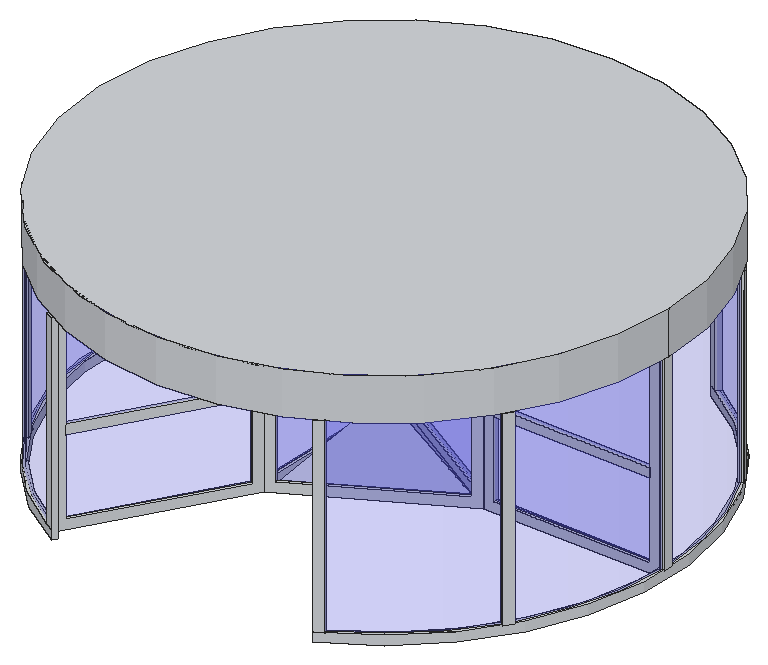
Revit family
Parameters (values of type "20' Diameter")
  Radius = 10' - 0"
  Glass radius = Radius - 0' 0 3/4"  # 9' - 11 1/4"
  Door width = 6' - 2"
  Door Radius = Radius - 0' 3"  # 9' - 9"
  Mullion = (90.00° - Angle) / 2  # 31.36°
  Angle = 27.28°
Types (6): name | Radius | Glass radius | Door width | Door Radius | Mullion | Angle
  (no name) | 10' - 0" | 9' - 11 1/4" | 6' - 2" | 9' - 9" | 31.36° | 27.28°
  14' Diameter | 7' - 0" | 6' - 11 1/4" | 4' - 1" | 6' - 9" | 32.125° | 25.75°
  12' Diameter | 6' - 0" | 5' - 11 1/4" | 3' - 1" | 5' - 9" | 32.47° | 25.06°
  16' Diameter | 8' - 0" | 7' - 11 1/4" | 5' - 1" | 7' - 9" | 31.86° | 26.28°
  18' Diameter | 9' - 0" | 8' - 11 1/4" | 5' - 2" | 8' - 9" | 31.51° | 26.98°
  20' Diameter | 10' - 0" | 9' - 11 1/4" | 6' - 2" | 9' - 9" | 31.36° | 27.28°
Reference planes (in)
  plane 1 "Center (Front/Back)": y = 0
  plane 2: z = 0
  plane 3 "Center (Left/Right)": x = 0
  plane 4: through (-37.58383, 72.87974, 48) normal (0.8888, 0.4583, 0)
  plane 5: through (0, 0, 48) normal (-0.8888, 0.4583, 0)
  plane 6: through (0, 0, 48) normal (-0.866, -0.5, 0)
  plane 7: through (0, 0, 48) normal (0.866, -0.5, 0)
  plane 8 "Bottom of Door Head": z = 84
  plane 9 "Top of Door Head": z = 102
  plane 10: through (0, 0, 48) normal (-0.4848, -0.8746, 0)
Forms (in)
  Extrusion 1, solid
    sketch origin (0, 0, 0) x (1, 0, 0) y (0, 1, 0)
      loop
        arc (-55.00072, 106.65327) -> (-120, 0) -> (-55.00072, -106.65327) r 120
        line (-55.00072, -106.65327) -> (-53.9747, -104.66368)
        arc (-53.9747, -104.66368) -> (-117.76143, 0) -> (-53.9747, 104.66368) r 117.76143
        line (-53.9747, 104.66368) -> (-55.00072, 106.65327)
      loop
        arc (53.9747, 104.66368) -> (117.76143, 0) -> (53.9747, -104.66368) r 117.76143
        line (53.9747, -104.66368) -> (55.00072, -106.65327)
        arc (55.00072, -106.65327) -> (120, 0) -> (55.00072, 106.65327) r 120
        line (55.00072, 106.65327) -> (53.9747, 104.66368)
    from 0 to 4
  Extrusion 2, solid
    sketch origin (0, 0, 0) x (1, 0, 0) y (0, 1, 0)
      loop
        line (116.99573, 1) -> (42.99573, 1) -> (42.99573, -1) -> (116.99573, -1)
        arc (116.99573, -1) -> (117, 0) -> (116.99573, 1) r 117
    from 0 to 4
  Extrusion 3, solid
    sketch origin (0, 0, 0) x (-0.5, -0.866025, 0) y (0.866025, -0.5, 0)
      loop
        line (116.99573, 1) -> (42.99573, 1) -> (42.99573, -1) -> (116.99573, -1)
        arc (116.99573, -1) -> (117, 0) -> (116.99573, 1) r 117
    from 0 to 4
  Extrusion 4, solid
    sketch origin (0, 0, 0) x (-0.5, 0.866025, 0) y (-0.866025, -0.5, 0)
      loop
        line (116.99573, 1) -> (42.99573, 1) -> (42.99573, -1) -> (116.99573, -1)
        arc (116.99573, -1) -> (117, 0) -> (116.99573, 1) r 117
    from 0 to 4
  Extrusion 5, solid
    sketch origin (0, 0, 0) x (1, 0, 0) y (0, 1, 0)
      loop
        line (-22.36389, 36.73539) -> (-22.36389, -36.73539) -> (-20.63184, -37.73539) -> (42.99573, -1) -> (42.99573, 1) -> (-20.63184, 37.73539) -> (-22.36389, 36.73539)
      loop
        line (40.72778, 0) -> (-20.36389, 35.27129) -> (-20.36389, -35.27129) -> (40.72778, 0)
    from 0 to 4
  Extrusion 6, solid
    sketch origin (0, 0, 0) x (1, 0, 0) y (0, 1, 0)
      loop
        circle (0, 0) r 120
    from 84 to 102
  Extrusion 7, solid
    sketch origin (0, 0, 0) x (1, 0, 0) y (0, 1, 0)
      loop
        line (-55.00072, -106.65327) -> (-53.9747, -104.66368)
        arc (-53.9747, -104.66368) -> (-55.74751, -103.73027) -> (-57.50419, -102.76684) r 117.76143
        line (-57.50419, -102.76684) -> (-58.6057, -104.71567)
        arc (-58.6057, -104.71567) -> (-56.81147, -105.69984) -> (-55.00072, -106.65327) r 120
      loop
        arc (55.00072, -106.65327) -> (56.81147, -105.69984) -> (58.6057, -104.71567) r 120
        line (58.6057, -104.71567) -> (57.50419, -102.76684)
        arc (57.50419, -102.76684) -> (55.74751, -103.73027) -> (53.9747, -104.66368) r 117.76143
        line (53.9747, -104.66368) -> (55.00072, -106.65327)
      loop
        arc (-55.00072, 106.65327) -> (-56.81147, 105.69984) -> (-58.6057, 104.71567) r 120
        line (-58.6057, 104.71567) -> (-57.50419, 102.76684)
        arc (-57.50419, 102.76684) -> (-55.74751, 103.73027) -> (-53.9747, 104.66368) r 117.76143
        line (-53.9747, 104.66368) -> (-55.00072, 106.65327)
      loop
        line (55.00072, 106.65327) -> (53.9747, 104.66368)
        arc (53.9747, 104.66368) -> (55.74751, 103.73027) -> (57.50419, 102.76684) r 117.76143
        line (57.50419, 102.76684) -> (58.6057, 104.71567)
        arc (58.6057, 104.71567) -> (56.81147, 105.69984) -> (55.00072, 106.65327) r 120
    from 4 to 84
  Extrusion 8, solid
    sketch origin (0, 0, 0) x (1, 0, 0) y (0, 1, 0)
      loop
        arc (-117.74445, -2) -> (-117.76143, 0) -> (-117.74445, 2) r 117.76143
        line (-117.74445, 2) -> (-119.98333, 2)
        arc (-119.98333, 2) -> (-120, 0) -> (-119.98333, -2) r 120
        line (-119.98333, -2) -> (-117.74445, -2)
      loop
        line (117.74445, -2) -> (119.98333, -2)
        arc (119.98333, -2) -> (120, 0) -> (119.98333, 2) r 120
        line (119.98333, 2) -> (117.74445, 2)
        arc (117.74445, 2) -> (117.76143, 0) -> (117.74445, -2) r 117.76143
    from 4 to 84
  Extrusion 9, solid
    sketch origin (0, 0, 0) x (1, 0, 0) y (0, 1, 0)
      loop
        arc (-103.46901, -60.77964) -> (-102.44135, -62.49615) -> (-101.38523, -64.1953) r 120
        line (-101.38523, -64.1953) -> (-99.50284, -62.98364)
        arc (-99.50284, -62.98364) -> (-100.55817, -61.28465) -> (-101.5845, -59.56798) r 117.76143
        line (-101.5845, -59.56798) -> (-103.46901, -60.77964)
      loop
        arc (-101.41466, 64.14879) -> (-102.46972, 62.44963) -> (-103.49631, 60.73313) r 120
        line (-103.49631, 60.73313) -> (-101.5845, 59.56798)
        arc (-101.5845, 59.56798) -> (-100.55817, 61.28465) -> (-99.50284, 62.98364) r 117.76143
        line (-99.50284, 62.98364) -> (-101.41466, 64.14879)
      loop
        arc (99.50284, 62.98364) -> (100.55817, 61.28465) -> (101.5845, 59.56798) r 117.76143
        line (101.5845, 59.56798) -> (103.49631, 60.73313)
        arc (103.49631, 60.73313) -> (102.46972, 62.44963) -> (101.41466, 64.14879) r 120
        line (101.41466, 64.14879) -> (99.50284, 62.98364)
      loop
        arc (101.5845, -59.56798) -> (100.55817, -61.28465) -> (99.50284, -62.98364) r 117.76143
        line (99.50284, -62.98364) -> (101.41466, -64.14879)
        arc (101.41466, -64.14879) -> (102.46972, -62.44963) -> (103.49631, -60.73313) r 120
        line (103.49631, -60.73313) -> (101.5845, -59.56798)
    from 4 to 84
  Extrusion 10, solid, material "Glass"
    sketch origin (0, 0, 0) x (1, 0, 0) y (0, 1, 0)
      loop
        arc (-58.23665, 104.06274) -> (-82.01961, 86.56411) -> (-100.77413, 63.75842) r 119.25
        line (-100.77413, 63.75842) -> (-100.09982, 63.34747)
        arc (-100.09982, 63.34747) -> (-81.47053, 85.99667) -> (-57.84814, 103.37537) r 118.46044
        line (-57.84814, 103.37537) -> (-58.23665, 104.06274)
      loop
        arc (-57.84814, -103.37537) -> (-81.4643, -86.00258) -> (-100.09063, -63.36199) r 118.46044
        line (-100.09063, -63.36199) -> (-100.75456, -63.78935)
        arc (-100.75456, -63.78935) -> (-82.00633, -86.5767) -> (-58.23665, -104.06274) r 119.25
        line (-58.23665, -104.06274) -> (-57.84814, -103.37537)
      loop
        arc (58.23665, -104.06274) -> (82.01961, -86.56411) -> (100.77413, -63.75842) r 119.25
        line (100.77413, -63.75842) -> (100.09982, -63.34747)
        arc (100.09982, -63.34747) -> (81.47053, -85.99667) -> (57.84814, -103.37537) r 118.46044
        line (57.84814, -103.37537) -> (58.23665, -104.06274)
      loop
        arc (57.84814, 103.37537) -> (81.47053, 85.99667) -> (100.09982, 63.34747) r 118.46044
        line (100.09982, 63.34747) -> (100.77413, 63.75842)
        arc (100.77413, 63.75842) -> (82.01961, 86.56411) -> (58.23665, 104.06274) r 119.25
        line (58.23665, 104.06274) -> (57.84814, 103.37537)
      loop
        arc (-102.85579, 60.34277) -> (-114.81225, 32.22903) -> (-119.23323, 2) r 119.25
        line (-119.23323, 2) -> (-118.44355, 2)
        arc (-118.44355, 2) -> (-114.05207, 32.01564) -> (-102.18147, 59.93181) r 118.46044
        line (-102.18147, 59.93181) -> (-102.85579, 60.34277)
      loop
        arc (-119.23323, -2) -> (-114.8074, -32.24629) -> (-102.83764, -60.3737) r 119.25
        line (-102.83764, -60.3737) -> (-102.17295, -59.94633)
        arc (-102.17295, -59.94633) -> (-114.04979, -32.02374) -> (-118.44355, -2) r 118.46044
        line (-118.44355, -2) -> (-119.23323, -2)
      loop
        arc (102.85579, -60.34277) -> (114.81225, -32.22903) -> (119.23323, -2) r 119.25
        line (119.23323, -2) -> (118.44355, -2)
        arc (118.44355, -2) -> (114.05207, -32.01564) -> (102.18147, -59.93181) r 118.46044
        line (102.18147, -59.93181) -> (102.85579, -60.34277)
      loop
        arc (119.23323, 2) -> (114.81225, 32.22903) -> (102.85579, 60.34277) r 119.25
        line (102.85579, 60.34277) -> (102.18147, 59.93181)
        arc (102.18147, 59.93181) -> (114.05207, 32.01564) -> (118.44355, 2) r 118.46044
        line (118.44355, 2) -> (119.23323, 2)
    from 4 to 84
  Extrusion 11, solid
    sketch origin (0, 0, 0) x (1, 0, 0) y (0, 1, 0)
      loop
        arc (-59.36389, -100.82127) -> (-58.5, -101.32497) -> (-57.63184, -101.82127) r 117
        line (-57.63184, -101.82127) -> (-55.63184, -98.35717) -> (-57.36389, -97.35717) -> (-59.36389, -100.82127)
      loop
        arc (-57.63184, 101.82127) -> (-58.5, 101.32497) -> (-59.36389, 100.82127) r 117
        line (-59.36389, 100.82127) -> (-57.36389, 97.35717) -> (-55.63184, 98.35717) -> (-57.63184, 101.82127)
      loop
        arc (116.99573, -1) -> (117, 0) -> (116.99573, 1) r 117
        line (116.99573, 1) -> (112.99573, 1) -> (112.99573, -1) -> (116.99573, -1)
      loop
        line (-20.63184, 37.73539) -> (-22.63184, 41.19949) -> (-24.36389, 40.19949) -> (-22.36389, 36.73539) -> (-20.63184, 37.73539)
      loop
        line (42.99573, -1) -> (46.99573, -1) -> (46.99573, 1) -> (42.99573, 1) -> (42.99573, -1)
      loop
        line (-22.36389, -36.73539) -> (-24.36389, -40.19949) -> (-22.63184, -41.19949) -> (-20.63184, -37.73539) -> (-22.36389, -36.73539)
    from 4 to 84
  Extrusion 12, solid
    sketch origin (0, 0, 0) x (1, 0, 0) y (0, 1, 0)
      loop
        line (-20.63184, -37.73539) -> (-17.16774, -35.73539) -> (-18.16774, -34.00334) -> (-20.36389, -35.27129) -> (-20.36389, -34.02129) -> (-20.36389, -32.72956) -> (-22.36389, -32.72956) -> (-22.36389, -33.72956) -> (-22.36389, -36.73539) -> (-20.63184, -37.73539)
      loop
        line (40.72778, 0) -> (38.53162, -1.26795) -> (39.53162, -3) -> (42.99573, -1) -> (42.99573, 1) -> (39.53162, 3) -> (38.53162, 1.26795) -> (40.72778, 0)
      loop
        line (-20.36389, 35.27129) -> (-18.16774, 34.00334) -> (-17.16774, 35.73539) -> (-20.63184, 37.73539) -> (-22.36389, 36.73539) -> (-22.36389, 32.73539) -> (-20.36389, 32.73539) -> (-20.36389, 35.27129)
    from 4 to 84
  Extrusion 13, solid, material "Glass"
    sketch origin (0, 0, 0) x (1, 0, 0) y (0, 1, 0)
      loop
        line (-23.28136, 40.82449) -> (-56.28136, 97.98217) -> (-56.71437, 97.73217) -> (-23.71437, 40.57449) -> (-23.28136, 40.82449)
      loop
        line (-17.79274, 34.65286) -> (38.90662, 1.91747) -> (39.15662, 2.35048) -> (-17.54274, 35.08587) -> (-17.79274, 34.65286)
      loop
        line (-21.11389, -32.72956) -> (-21.11389, 32.73539) -> (-21.61389, 32.73539) -> (-21.61389, -32.72956) -> (-21.11389, -32.72956)
      loop
        line (38.90662, -1.91747) -> (-17.79274, -34.65286) -> (-17.54274, -35.08587) -> (39.15662, -2.35048) -> (38.90662, -1.91747)
      loop
        line (46.99573, -0.25) -> (112.99573, -0.25) -> (112.99573, 0.25) -> (46.99573, 0.25) -> (46.99573, -0.25)
      loop
        line (-23.71437, -40.57449) -> (-56.71437, -97.73217) -> (-56.28136, -97.98217) -> (-23.28136, -40.82449) -> (-23.71437, -40.57449)
    from 4 to 84
  Extrusion 14, solid
    sketch origin (0, 0, 0) x (1, 0, 0) y (0, 1, 0)
      loop
        circle (0, 0) r 2
    from 24 to 84
  Blend 15, solid
    base sketch origin (0, 0, 0) x (1, 0, 0) y (0, 1, 0)
      loop
        line (-20.36389, -35.27129) -> (40.72778, 0) -> (-20.36389, 35.27129) -> (-20.36389, -35.27129)
    top sketch origin (0, 0, 0) x (1, 0, 0) y (0, 1, 0)
      loop
        line (-2.36389, 4.09438) -> (-2.36389, -4.09438) -> (4.72778, 0) -> (-2.36389, 4.09438)
    from 0 to 24
  Extrusion 16, solid
    sketch origin (0, 0, 0) x (1, 0, 0) y (0, 1, 0)
      loop
        line (112.99573, 1) -> (46.99573, 1) -> (46.99573, -1) -> (112.99573, -1) -> (112.99573, 1)
    from 36 to 40
  Extrusion 17, solid
    sketch origin (0, 0, 0) x (-0.5, -0.866025, 0) y (0.866025, -0.5, 0)
      loop
        line (112.99573, 1) -> (46.99573, 1) -> (46.99573, -1) -> (112.99573, -1) -> (112.99573, 1)
    from 36 to 40
  Extrusion 18, solid
    sketch origin (0, 0, 0) x (-0.5, 0.866025, 0) y (-0.866025, -0.5, 0)
      loop
        line (112.99573, 1) -> (46.99573, 1) -> (46.99573, -1) -> (112.99573, -1) -> (112.99573, 1)
    from 36 to 40
Cuts and joins
  joined: Extrusion 1, Extrusion 7
  joined: Extrusion 2, Extrusion 3, Extrusion 4, Extrusion 11
  joined: Extrusion 5, Extrusion 12
Lines and regions (in)
  model lines, style "InvisibleLines"
    curve 1: line (0, 0, 0) -> (-131.50281, -80.1437, 0)
    curve 2: line (0, 0, 0) -> (0, 10, 0)
    curve 3: line (0, 0, 0) -> (-131.50281, 80.1437, 0)
    curve 4: line (0, 0, 0) -> (126.37932, 77.02121, 0)
    curve 5: line (0, 0, 0) -> (138.33412, -84.30701, 0)
    curve 6: line (0, 0, 0) -> (0, -17, 0)
Dimensions and locks (in)
  Extrusion 1 to Extrusion 1 = 9' - 2.00144"
  "Door width": Extrusion 2 sketch curve to Extrusion 2 sketch curve
  locked: Extrusion 2 sketch curve to Extrusion 2 sketch curve at 2
  "Door width": Extrusion 4 sketch curve to Extrusion 4 sketch curve
  locked: Extrusion 4 sketch curve to Extrusion 4 sketch curve at 2
  "Door width": Extrusion 3 sketch curve to Extrusion 3 sketch curve
  locked: Extrusion 3 sketch curve to Extrusion 3 sketch curve at 2
  locked: Extrusion 5 sketch curve to Extrusion 5 sketch curve at 2  (x3)
  Extrusion 8 sketch curve to plane 1 "Center (Front/Back)" to Extrusion 8 sketch curve = 0' - 2" locked, 0' - 2" locked  (x2)
  Extrusion 9 sketch curve to curve 1 to Extrusion 9 sketch curve = 0' - 2" locked, 0' - 2" locked
  Extrusion 9 sketch curve to curve 3 to Extrusion 9 sketch curve = 0' - 2" locked, 0' - 2" locked
  Extrusion 9 sketch curve to curve 4 to Extrusion 9 sketch curve = 0' - 2" locked, 0' - 2" locked
  Extrusion 9 sketch curve to curve 5 to Extrusion 9 sketch curve = 0' - 2" locked, 0' - 2" locked
  locked: Extrusion 11 sketch curve to Extrusion 11 sketch curve at 4  (x3)
  locked: Extrusion 11 sketch curve to Extrusion 5 at 4  (x2)
  locked: Extrusion 5 to Extrusion 11 sketch curve at 4
  locked: Extrusion 12 sketch curve to Extrusion 12 sketch curve at 4  (x5)
  locked: Extrusion 12 sketch curve to Extrusion 12 sketch curve at 4.00584
  locked: Extrusion 16 sketch curve to Extrusion 16 sketch curve at 2
  locked: Extrusion 18 sketch curve to Extrusion 18 sketch curve at 2
  locked: Extrusion 17 sketch curve to Extrusion 17 sketch curve at 2
  "Radius": radius of Extrusion 1 sketch curve  (x2)
  "Door Radius": radius of Extrusion 2 sketch curve
  "Door Radius": radius of Extrusion 3 sketch curve
  "Door Radius": radius of Extrusion 4 sketch curve
  "Radius": radius of Extrusion 6 sketch curve
  "Glass radius": radius of Extrusion 10 sketch curve  (x8)
  "Angle": angle plane 3 "Center (Left/Right)" to plane 4
  "Angle": angle plane 5 to plane 3 "Center (Left/Right)"
  "Mullion": angle curve 1 to plane 5
  "Mullion": angle plane 4 to curve 3
  "Mullion": angle curve 4 to plane 5
  "Mullion": angle plane 4 to curve 5
  aligned and locked: plane 4 to Extrusion 1 sketch curve  (x2)
  aligned and locked: plane 5 to Extrusion 1 sketch curve  (x2)
  aligned and locked: Extrusion 5 sketch curve to Extrusion 4
  aligned and locked: Extrusion 5 sketch curve to Extrusion 2
  aligned and locked: Extrusion 5 sketch curve to Extrusion 3
  aligned and locked: Extrusion 5 to Extrusion 3
  aligned and locked: Extrusion 6 to plane 9 "Top of Door Head"
  aligned and locked: Extrusion 7 sketch curve to Extrusion 1  (x9)
  aligned and locked: Extrusion 7 sketch curve to plane 4  (x2)
  aligned and locked: Extrusion 7 sketch curve to plane 5
  aligned and locked: Extrusion 8 sketch curve to Extrusion 1  (x4)
  aligned and locked: Extrusion 9 sketch curve to Extrusion 1  (x6)
  aligned and locked: plane 3 "Center (Left/Right)" to curve 2
  aligned and locked: Extrusion 7 to Extrusion 10 sketch curve  (x2)
  aligned and locked: Extrusion 10 sketch curve to Extrusion 7  (x2)
  aligned and locked: Extrusion 9 to Extrusion 10 sketch curve  (x8)
  aligned and locked: Extrusion 8 to Extrusion 10 sketch curve  (x4)
  aligned and locked: Extrusion 11 sketch curve to Extrusion 3  (x3)
  aligned and locked: Extrusion 11 sketch curve to Extrusion 4  (x2)
  aligned and locked: Extrusion 11 sketch curve to Extrusion 2  (x3)
  aligned and locked: Extrusion 4 to Extrusion 11 sketch curve  (x2)
  aligned and locked: Extrusion 2 to Extrusion 11 sketch curve
  aligned and locked: Extrusion 3 to Extrusion 11 sketch curve  (x2)
  aligned and locked: Extrusion 11 sketch curve to Extrusion 5  (x3)
  aligned and locked: Extrusion 12 sketch curve to Extrusion 5  (x5)
  aligned and locked: Extrusion 5 to Extrusion 12 sketch curve  (x6)
  aligned and locked: Extrusion 12 sketch curve to Extrusion 11  (x3)
  aligned and locked: Extrusion 11 to Extrusion 13 sketch curve  (x6)
  aligned and locked: Extrusion 12 to Extrusion 13 sketch curve  (x6)
  aligned and locked: Blend 15 sketch curve to Extrusion 5  (x3)
  aligned and locked: Extrusion 16 sketch curve to Extrusion 11  (x2)
  aligned and locked: Extrusion 18 sketch curve to Extrusion 11  (x2)
  aligned and locked: Extrusion 17 sketch curve to Extrusion 11  (x2)
  aligned and locked: Extrusion 9 to Extrusion 6
  aligned and locked: Extrusion 11 to Extrusion 6
  aligned and locked: Extrusion 14 to Extrusion 6
  aligned and locked: Extrusion 12 to Extrusion 6
Automatic sketch dimensions
  Extrusion 1 sketch curve to Extrusion 1 sketch curve = 0' - 0"  (x6)
  Extrusion 1 sketch curve to plane 1 "Center (Front/Back)" = 0' - 0"
  Extrusion 1 sketch curve to plane 3 "Center (Left/Right)" = 0' - 0"
  Extrusion 1 sketch curve to Extrusion 1 sketch curve = 0' - 1.02602"  (x2)
  Extrusion 2 sketch curve to Extrusion 2 sketch curve = 0' - 0"
  Extrusion 3 sketch curve to Extrusion 3 sketch curve = 0' - 0"
  Extrusion 4 sketch curve to Extrusion 4 sketch curve = 0' - 0"
  Extrusion 2 sketch curve to plane 1 "Center (Front/Back)" = 0' - 0"
  Extrusion 2 sketch curve to plane 3 "Center (Left/Right)" = 0' - 0"
  Extrusion 4 sketch curve to plane 1 "Center (Front/Back)" = 0' - 0"
  Extrusion 4 sketch curve to plane 3 "Center (Left/Right)" = 0' - 0"
  Extrusion 3 sketch curve to plane 1 "Center (Front/Back)" = 0' - 0"
  Extrusion 3 sketch curve to plane 3 "Center (Left/Right)" = 0' - 0"
  plane 1 "Center (Front/Back)" to Extrusion 5 sketch curve = 0' - 1"
  Extrusion 5 sketch curve to Extrusion 5 sketch curve = 0' - 0.26795"  (x2)
  plane 1 "Center (Front/Back)" to Extrusion 5 sketch curve = 0' - 0"
  Extrusion 5 sketch curve to Extrusion 5 sketch curve = 0' - 1.4641"
  Extrusion 6 sketch curve to plane 1 "Center (Front/Back)" = 0' - 0"
  Extrusion 6 sketch curve to plane 3 "Center (Left/Right)" = 0' - 0"
  Extrusion 7 sketch curve to Extrusion 7 sketch curve = 0' - 3.52949"  (x3)
  Extrusion 7 sketch curve to Extrusion 7 sketch curve = 0' - 2.50346"
  Extrusion 7 sketch curve to Extrusion 7 sketch curve = 0' - 1.10151"  (x4)
  Extrusion 9 sketch curve to Extrusion 9 sketch curve = 0' - 1.88451"
  Extrusion 9 sketch curve to Extrusion 9 sketch curve = 0' - 2.08165"
  Extrusion 9 sketch curve to Extrusion 9 sketch curve = 0' - 1.88238"
  Extrusion 9 sketch curve to Extrusion 9 sketch curve = 0' - 3.41566"
  Extrusion 9 sketch curve to Extrusion 9 sketch curve = 0' - 1.91182"  (x6)
  Extrusion 9 sketch curve to Extrusion 9 sketch curve = 0' - 0"  (x4)
  Extrusion 10 sketch curve to Extrusion 10 sketch curve = 0' - 0"  (x31)
  Extrusion 10 sketch curve to plane 3 "Center (Left/Right)" = 0' - 0"
  Extrusion 10 sketch curve to Extrusion 10 sketch curve = 0' - 0.38851"  (x4)
  Extrusion 10 sketch curve to Extrusion 10 sketch curve = 0' - 0.41096"  (x2)
  Extrusion 10 sketch curve to Extrusion 10 sketch curve = 0' - 0.67431"
  Extrusion 10 sketch curve to Extrusion 10 sketch curve = 0' - 0.78967"
  Extrusion 11 sketch curve to Extrusion 11 sketch curve = 0' - 1.73205"
  Extrusion 11 sketch curve to plane 1 "Center (Front/Back)" = 0' - 1"
  Extrusion 12 sketch curve to plane 7 = 0' - 0"
  Extrusion 12 sketch curve to Extrusion 12 sketch curve = 0' - 1 1/4"
  Extrusion 12 sketch curve to Extrusion 12 sketch curve = 0' - 1"
  Extrusion 13 sketch curve to Extrusion 13 sketch curve = 0' - 5.73862"
  Extrusion 13 sketch curve to Extrusion 13 sketch curve = 0' - 3.32115"
  Extrusion 13 sketch curve to Extrusion 13 sketch curve = 0' - 0"
  plane 1 "Center (Front/Back)" to Extrusion 13 sketch curve = 0' - 0 1/4"
  Extrusion 13 sketch curve to Extrusion 13 sketch curve = 0' - 2.10048"
  Extrusion 13 sketch curve to plane 1 "Center (Front/Back)" = 0' - 0 1/4"
  Extrusion 13 sketch curve to Extrusion 13 sketch curve = 0' - 0 1/4"  (x4)
  Extrusion 13 sketch curve to plane 1 "Center (Front/Back)" = 0' - 1.91747"
  Extrusion 13 sketch curve to Extrusion 13 sketch curve = 0' - 0 1/2"
  Extrusion 14 sketch curve to plane 1 "Center (Front/Back)" = 0' - 0"
  Extrusion 14 sketch curve to plane 3 "Center (Left/Right)" = 0' - 0"
  Blend 15 sketch curve to plane 7 = 0' - 0"
  Blend 15 sketch curve to plane 6 = 0' - 0"
  Blend 15 sketch curve to plane 1 "Center (Front/Back)" = 0' - 0"
  Blend 15 sketch curve to plane 3 "Center (Left/Right)" = 0' - 2.36389"
  plane 3 "Center (Left/Right)" to Blend 15 sketch curve = 0' - 4.72778"
  plane 1 "Center (Front/Back)" to Extrusion 16 sketch curve = 0' - 1"
  Extrusion 18 sketch curve to plane 6 = 0' - 1"
  Extrusion 17 sketch curve to plane 7 = 0' - 1"
  curve 3 to plane 1 "Center (Front/Back)" = 0' - 0"
  plane 1 "Center (Front/Back)" to curve 6 = 1' - 5"
  curve 1 to curve 2 = 0' - 10"
  radius of Extrusion 14 sketch curve = 0' - 2"
